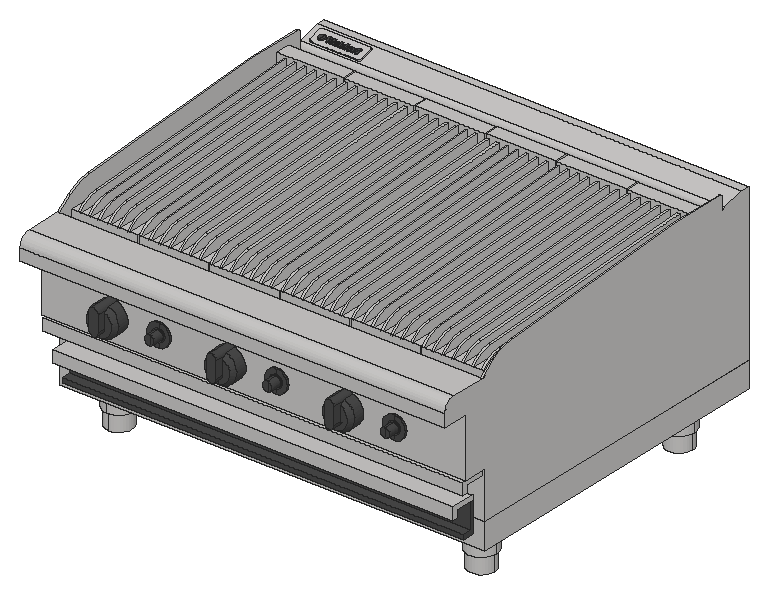
Revit family "QF_MOFFAT WALDORF_CHL8900G-B", category Specialty Equipment, Revit 2012 (continued)
Automatic sketch dimensions
  Extrusion 29 sketch curve to plane 6 "TOP" = 265.155 mm
  Extrusion 29 sketch curve to plane 6 "TOP" = 219.636 mm
  Extrusion 29 sketch curve to Extrusion 29 sketch curve = 52.486 mm
  Extrusion 30 sketch curve to plane 5 "FRONT" = 128 mm
  Extrusion 30 sketch curve to Extrusion 30 sketch curve = 46.148 mm
  Extrusion 30 sketch curve to Extrusion 30 sketch curve = 50.262 mm
  plane 1 "BACK" to Extrusion 30 sketch curve = 132 mm
  Extrusion 30 sketch curve to plane 6 "TOP" = 265.155 mm
  Extrusion 30 sketch curve to plane 6 "TOP" = 219.636 mm
  Extrusion 30 sketch curve to Extrusion 30 sketch curve = 52.486 mm
  Extrusion 31 sketch curve to plane 5 "FRONT" = 128 mm
  Extrusion 31 sketch curve to Extrusion 31 sketch curve = 46.148 mm
  Extrusion 31 sketch curve to Extrusion 31 sketch curve = 4.114 mm
  plane 1 "BACK" to Extrusion 31 sketch curve = 132 mm
  Extrusion 31 sketch curve to plane 6 "TOP" = 265.155 mm
  Extrusion 31 sketch curve to plane 6 "TOP" = 219.636 mm
  Extrusion 31 sketch curve to Extrusion 31 sketch curve = 52.486 mm
  Extrusion 32 sketch curve to plane 5 "FRONT" = 128 mm
  Extrusion 32 sketch curve to Extrusion 32 sketch curve = 46.148 mm
  Extrusion 32 sketch curve to Extrusion 32 sketch curve = 50.262 mm
  plane 1 "BACK" to Extrusion 32 sketch curve = 132 mm
  Extrusion 32 sketch curve to plane 6 "TOP" = 265.155 mm
  Extrusion 32 sketch curve to plane 6 "TOP" = 219.636 mm
  Extrusion 32 sketch curve to Extrusion 32 sketch curve = 52.486 mm
  Extrusion 33 sketch curve to plane 5 "FRONT" = 128 mm
  Extrusion 33 sketch curve to Extrusion 33 sketch curve = 46.148 mm
  Extrusion 33 sketch curve to Extrusion 33 sketch curve = 4.114 mm
  plane 1 "BACK" to Extrusion 33 sketch curve = 132 mm
  Extrusion 33 sketch curve to plane 6 "TOP" = 265.155 mm
  Extrusion 33 sketch curve to plane 6 "TOP" = 219.636 mm
  Extrusion 33 sketch curve to Extrusion 33 sketch curve = 52.486 mm
  Extrusion 34 sketch curve to plane 5 "FRONT" = 128 mm
  Extrusion 34 sketch curve to Extrusion 34 sketch curve = 46.148 mm
  Extrusion 34 sketch curve to Extrusion 34 sketch curve = 4.114 mm
  plane 1 "BACK" to Extrusion 34 sketch curve = 132 mm
  Extrusion 34 sketch curve to plane 6 "TOP" = 265.155 mm
  Extrusion 34 sketch curve to Extrusion 34 sketch curve = 45.518 mm
  Extrusion 34 sketch curve to Extrusion 34 sketch curve = 52.486 mm
  Extrusion 35 sketch curve to plane 5 "FRONT" = 128 mm
  Extrusion 35 sketch curve to Extrusion 35 sketch curve = 46.148 mm
  Extrusion 35 sketch curve to Extrusion 35 sketch curve = 50.262 mm
  plane 1 "BACK" to Extrusion 35 sketch curve = 132 mm
  Extrusion 35 sketch curve to plane 6 "TOP" = 265.155 mm
  Extrusion 35 sketch curve to plane 6 "TOP" = 219.636 mm
  Extrusion 35 sketch curve to Extrusion 35 sketch curve = 52.486 mm
  Extrusion 36 sketch curve to plane 5 "FRONT" = 128 mm
  Extrusion 36 sketch curve to Extrusion 36 sketch curve = 46.148 mm
  Extrusion 36 sketch curve to Extrusion 36 sketch curve = 4.114 mm
  plane 1 "BACK" to Extrusion 36 sketch curve = 132 mm
  Extrusion 36 sketch curve to plane 6 "TOP" = 265.155 mm
  Extrusion 36 sketch curve to plane 6 "TOP" = 219.636 mm
  Extrusion 36 sketch curve to Extrusion 36 sketch curve = 52.486 mm
  Extrusion 37 sketch curve to plane 5 "FRONT" = 128 mm
  Extrusion 37 sketch curve to Extrusion 37 sketch curve = 46.148 mm
  Extrusion 37 sketch curve to Extrusion 37 sketch curve = 4.114 mm
  plane 1 "BACK" to Extrusion 37 sketch curve = 132 mm
  Extrusion 37 sketch curve to plane 6 "TOP" = 265.155 mm
  Extrusion 37 sketch curve to plane 6 "TOP" = 219.636 mm
  Extrusion 37 sketch curve to Extrusion 37 sketch curve = 52.486 mm
  Extrusion 38 sketch curve to plane 5 "FRONT" = 128 mm
  Extrusion 38 sketch curve to Extrusion 38 sketch curve = 46.148 mm
  Extrusion 38 sketch curve to Extrusion 38 sketch curve = 50.262 mm
  plane 1 "BACK" to Extrusion 38 sketch curve = 132 mm
  Extrusion 38 sketch curve to plane 6 "TOP" = 265.155 mm
  Extrusion 38 sketch curve to plane 6 "TOP" = 219.636 mm
  Extrusion 38 sketch curve to Extrusion 38 sketch curve = 52.486 mm
  Extrusion 39 sketch curve to plane 5 "FRONT" = 128 mm
  Extrusion 39 sketch curve to Extrusion 39 sketch curve = 46.148 mm
  Extrusion 39 sketch curve to Extrusion 39 sketch curve = 50.262 mm
  plane 1 "BACK" to Extrusion 39 sketch curve = 132 mm
  Extrusion 39 sketch curve to plane 6 "TOP" = 265.155 mm
  Extrusion 39 sketch curve to plane 6 "TOP" = 219.636 mm
  Extrusion 39 sketch curve to Extrusion 39 sketch curve = 52.486 mm
  Extrusion 40 sketch curve to plane 5 "FRONT" = 128 mm
  Extrusion 40 sketch curve to Extrusion 40 sketch curve = 46.148 mm
  Extrusion 40 sketch curve to Extrusion 40 sketch curve = 4.114 mm
  plane 1 "BACK" to Extrusion 40 sketch curve = 132 mm
  Extrusion 40 sketch curve to plane 6 "TOP" = 265.155 mm
  Extrusion 40 sketch curve to plane 6 "TOP" = 219.636 mm
  Extrusion 40 sketch curve to Extrusion 40 sketch curve = 52.486 mm
  plane 1 "BACK" to Extrusion 41 sketch curve = 32 mm
  Extrusion 42 sketch curve to plane 5 "FRONT" = 81 mm
  Extrusion 42 sketch curve to Extrusion 42 sketch curve = 20 mm
  Extrusion 42 sketch curve to Extrusion 42 sketch curve = 18.654 mm
  level to Extrusion 42 sketch curve = 108.047 mm
  Extrusion 42 sketch curve to Extrusion 42 sketch curve = 10 mm
  Extrusion 42 sketch curve to Extrusion 42 sketch curve = 53.75 mm
  Extrusion 43 sketch curve to plane 5 "FRONT" = 53.73 mm
  Extrusion 43 sketch curve to Extrusion 43 sketch curve = 10 mm  (x2)
  Extrusion 43 sketch curve to Extrusion 43 sketch curve = 42.27 mm
  level to Extrusion 43 sketch curve = 211.219 mm
  Extrusion 43 sketch curve to Extrusion 43 sketch curve = 15 mm
  Split face 12 sketch curve to cut or joined group of Extrusion 1, Extrusion 6, Extrusion 7 = 1.25 mm
  Split face 12 sketch curve to cut or joined group of Extrusion 1, Extrusion 6, Extrusion 7 = 24.993 mm
  cut or joined group of Extrusion 1, Extrusion 6, Extrusion 7 to Split face 12 sketch curve = 1.25 mm
  Split face 12 sketch curve to cut or joined group of Extrusion 1, Extrusion 6, Extrusion 7 = 25.12 mm
  Extrusion 44 sketch curve to plane 5 "FRONT" = 53.73 mm
  Extrusion 44 sketch curve to Extrusion 44 sketch curve = 10 mm  (x2)
  Extrusion 44 sketch curve to Extrusion 44 sketch curve = 55.924 mm
  level to Extrusion 44 sketch curve = 156.797 mm
  Extrusion 44 sketch curve to Extrusion 44 sketch curve = 15 mm
  Extrusion 45 sketch curve to plane 5 "FRONT" = 128 mm
  plane 1 "BACK" to Extrusion 45 sketch curve = 132 mm
  Extrusion 45 sketch curve to Extrusion 45 sketch curve = 30 mm
  Extrusion 45 sketch curve to plane 6 "TOP" = 255 mm
  Extrusion 45 sketch curve to Extrusion 45 sketch curve = 35.364 mm
  Extrusion 45 sketch curve to Extrusion 45 sketch curve = 59.636 mm
  Extrusion 46 sketch curve to plane 5 "FRONT" = 128 mm
  plane 1 "BACK" to Extrusion 46 sketch curve = 132 mm
  Extrusion 46 sketch curve to Extrusion 46 sketch curve = 30 mm
  Extrusion 46 sketch curve to plane 6 "TOP" = 255 mm
  Extrusion 46 sketch curve to Extrusion 46 sketch curve = 35.364 mm
  Extrusion 46 sketch curve to Extrusion 46 sketch curve = 59.636 mm
  Extrusion 47 sketch curve to plane 5 "FRONT" = 128 mm
  plane 1 "BACK" to Extrusion 47 sketch curve = 132 mm
  Extrusion 47 sketch curve to Extrusion 47 sketch curve = 30 mm
  Extrusion 47 sketch curve to plane 6 "TOP" = 255 mm
  Extrusion 47 sketch curve to Extrusion 47 sketch curve = 35.364 mm
  Extrusion 47 sketch curve to Extrusion 47 sketch curve = 59.636 mm
  Extrusion 48 sketch curve to plane 5 "FRONT" = 128 mm
  plane 1 "BACK" to Extrusion 48 sketch curve = 132 mm
  Extrusion 48 sketch curve to Extrusion 48 sketch curve = 30 mm
  Extrusion 48 sketch curve to plane 6 "TOP" = 255 mm
  Extrusion 48 sketch curve to Extrusion 48 sketch curve = 35.364 mm
  Extrusion 48 sketch curve to Extrusion 48 sketch curve = 59.636 mm
  Extrusion 49 sketch curve to plane 5 "FRONT" = 128 mm
  Extrusion 49 sketch curve to Extrusion 49 sketch curve = 46.148 mm
  Extrusion 49 sketch curve to Extrusion 49 sketch curve = 50.262 mm
  plane 1 "BACK" to Extrusion 49 sketch curve = 132 mm
  Extrusion 49 sketch curve to plane 6 "TOP" = 265.155 mm
  Extrusion 49 sketch curve to Extrusion 49 sketch curve = 45.518 mm
  Extrusion 49 sketch curve to Extrusion 49 sketch curve = 52.486 mm
  Extrusion 50 sketch curve to plane 5 "FRONT" = 128 mm
  Extrusion 50 sketch curve to Extrusion 50 sketch curve = 46.148 mm
  Extrusion 50 sketch curve to Extrusion 50 sketch curve = 50.262 mm
  plane 1 "BACK" to Extrusion 50 sketch curve = 132 mm
  Extrusion 50 sketch curve to plane 6 "TOP" = 265.155 mm
  Extrusion 50 sketch curve to plane 6 "TOP" = 219.636 mm
  Extrusion 50 sketch curve to Extrusion 50 sketch curve = 52.486 mm
  Extrusion 51 sketch curve to plane 5 "FRONT" = 128 mm
  Extrusion 51 sketch curve to Extrusion 51 sketch curve = 46.148 mm
  Extrusion 51 sketch curve to Extrusion 51 sketch curve = 4.114 mm
  plane 1 "BACK" to Extrusion 51 sketch curve = 132 mm
  Extrusion 51 sketch curve to plane 6 "TOP" = 265.155 mm
  Extrusion 51 sketch curve to plane 6 "TOP" = 219.636 mm
  Extrusion 51 sketch curve to Extrusion 51 sketch curve = 52.486 mm
  Extrusion 52 sketch curve to plane 5 "FRONT" = 128 mm
  Extrusion 52 sketch curve to Extrusion 52 sketch curve = 46.148 mm
  Extrusion 52 sketch curve to Extrusion 52 sketch curve = 4.114 mm
  plane 1 "BACK" to Extrusion 52 sketch curve = 132 mm
  Extrusion 52 sketch curve to plane 6 "TOP" = 265.155 mm
  Extrusion 52 sketch curve to plane 6 "TOP" = 219.636 mm
  Extrusion 52 sketch curve to Extrusion 52 sketch curve = 52.486 mm
  Extrusion 53 sketch curve to plane 5 "FRONT" = 128 mm
  Extrusion 53 sketch curve to Extrusion 53 sketch curve = 46.148 mm
  Extrusion 53 sketch curve to Extrusion 53 sketch curve = 4.114 mm
  plane 1 "BACK" to Extrusion 53 sketch curve = 132 mm
  Extrusion 53 sketch curve to plane 6 "TOP" = 265.155 mm
  Extrusion 53 sketch curve to plane 6 "TOP" = 219.636 mm
  Extrusion 53 sketch curve to Extrusion 53 sketch curve = 52.486 mm
  Extrusion 54 sketch curve to plane 5 "FRONT" = 128 mm
  Extrusion 54 sketch curve to Extrusion 54 sketch curve = 46.148 mm
  Extrusion 54 sketch curve to Extrusion 54 sketch curve = 4.114 mm
  plane 1 "BACK" to Extrusion 54 sketch curve = 132 mm
  Extrusion 54 sketch curve to plane 6 "TOP" = 265.155 mm
  Extrusion 54 sketch curve to plane 6 "TOP" = 219.636 mm
  Extrusion 54 sketch curve to Extrusion 54 sketch curve = 52.486 mm
  Extrusion 55 sketch curve to plane 5 "FRONT" = 128 mm
  Extrusion 55 sketch curve to Extrusion 55 sketch curve = 46.148 mm
  Extrusion 55 sketch curve to Extrusion 55 sketch curve = 4.114 mm
  plane 1 "BACK" to Extrusion 55 sketch curve = 132 mm
  Extrusion 55 sketch curve to plane 6 "TOP" = 265.155 mm
  Extrusion 55 sketch curve to plane 6 "TOP" = 219.636 mm
  Extrusion 55 sketch curve to Extrusion 55 sketch curve = 52.486 mm
  Extrusion 56 sketch curve to plane 5 "FRONT" = 128 mm
  plane 1 "BACK" to Extrusion 56 sketch curve = 132 mm
  Extrusion 56 sketch curve to Extrusion 56 sketch curve = 30 mm
  Extrusion 56 sketch curve to plane 6 "TOP" = 255 mm
  Extrusion 56 sketch curve to Extrusion 56 sketch curve = 35.364 mm
  Extrusion 56 sketch curve to Extrusion 56 sketch curve = 59.636 mm
  Extrusion 57 sketch curve to plane 5 "FRONT" = 128 mm
  Extrusion 57 sketch curve to Extrusion 57 sketch curve = 46.148 mm
  Extrusion 57 sketch curve to Extrusion 57 sketch curve = 50.262 mm
  plane 1 "BACK" to Extrusion 57 sketch curve = 132 mm
  Extrusion 57 sketch curve to plane 6 "TOP" = 265.155 mm
  Extrusion 57 sketch curve to Extrusion 57 sketch curve = 45.518 mm
  Extrusion 57 sketch curve to Extrusion 57 sketch curve = 52.486 mm
  Extrusion 58 sketch curve to plane 5 "FRONT" = 128 mm
  Extrusion 58 sketch curve to Extrusion 58 sketch curve = 46.148 mm
  Extrusion 58 sketch curve to Extrusion 58 sketch curve = 50.262 mm
  plane 1 "BACK" to Extrusion 58 sketch curve = 132 mm
  Extrusion 58 sketch curve to plane 6 "TOP" = 265.155 mm
  Extrusion 58 sketch curve to plane 6 "TOP" = 219.636 mm
  Extrusion 58 sketch curve to Extrusion 58 sketch curve = 52.486 mm
  Extrusion 59 sketch curve to plane 5 "FRONT" = 128 mm
  Extrusion 59 sketch curve to Extrusion 59 sketch curve = 46.148 mm
  Extrusion 59 sketch curve to Extrusion 59 sketch curve = 4.114 mm
  plane 1 "BACK" to Extrusion 59 sketch curve = 132 mm
  Extrusion 59 sketch curve to plane 6 "TOP" = 265.155 mm
  Extrusion 59 sketch curve to plane 6 "TOP" = 219.636 mm
  Extrusion 59 sketch curve to Extrusion 59 sketch curve = 52.486 mm
  Extrusion 60 sketch curve to plane 5 "FRONT" = 128 mm
  Extrusion 60 sketch curve to Extrusion 60 sketch curve = 46.148 mm
  Extrusion 60 sketch curve to Extrusion 60 sketch curve = 4.114 mm
  plane 1 "BACK" to Extrusion 60 sketch curve = 132 mm
  Extrusion 60 sketch curve to plane 6 "TOP" = 265.155 mm
  Extrusion 60 sketch curve to plane 6 "TOP" = 219.636 mm
  Extrusion 60 sketch curve to Extrusion 60 sketch curve = 52.486 mm
  Extrusion 61 sketch curve to plane 5 "FRONT" = 128 mm
  Extrusion 61 sketch curve to Extrusion 61 sketch curve = 46.148 mm
  Extrusion 61 sketch curve to Extrusion 61 sketch curve = 4.114 mm
  plane 1 "BACK" to Extrusion 61 sketch curve = 132 mm
  Extrusion 61 sketch curve to plane 6 "TOP" = 265.155 mm
  Extrusion 61 sketch curve to plane 6 "TOP" = 219.636 mm
  Extrusion 61 sketch curve to Extrusion 61 sketch curve = 52.486 mm
  Extrusion 62 sketch curve to plane 5 "FRONT" = 128 mm
  Extrusion 62 sketch curve to Extrusion 62 sketch curve = 46.148 mm
  Extrusion 62 sketch curve to Extrusion 62 sketch curve = 4.114 mm
  plane 1 "BACK" to Extrusion 62 sketch curve = 132 mm
  Extrusion 62 sketch curve to plane 6 "TOP" = 265.155 mm
  Extrusion 62 sketch curve to plane 6 "TOP" = 219.636 mm
  Extrusion 62 sketch curve to Extrusion 62 sketch curve = 52.486 mm
  Extrusion 63 sketch curve to plane 5 "FRONT" = 128 mm
  Extrusion 63 sketch curve to Extrusion 63 sketch curve = 46.148 mm
  Extrusion 63 sketch curve to Extrusion 63 sketch curve = 4.114 mm
  plane 1 "BACK" to Extrusion 63 sketch curve = 132 mm
  Extrusion 63 sketch curve to plane 6 "TOP" = 265.155 mm
  Extrusion 63 sketch curve to plane 6 "TOP" = 219.636 mm
  Extrusion 63 sketch curve to Extrusion 63 sketch curve = 52.486 mm
  Extrusion 64 sketch curve to plane 5 "FRONT" = 128 mm
  plane 1 "BACK" to Extrusion 64 sketch curve = 132 mm
  Extrusion 64 sketch curve to Extrusion 64 sketch curve = 30 mm
  Extrusion 64 sketch curve to plane 6 "TOP" = 255 mm
  Extrusion 64 sketch curve to Extrusion 64 sketch curve = 35.364 mm
  Extrusion 64 sketch curve to Extrusion 64 sketch curve = 59.636 mm
  Extrusion 1 to Split face 13 sketch curve = 1.962 mm
  Split face 13 sketch curve to Extrusion 1 = 426.534 mm
  Split face 13 sketch curve to Split face 13 sketch curve = 20 mm
  Extrusion 1 to Split face 14 sketch curve = 1.962 mm
  Split face 14 sketch curve to Extrusion 1 = 446.466 mm
  Split face 14 sketch curve to Split face 14 sketch curve = 20 mm
  Extrusion 1 to Split face 15 sketch curve = 1.962 mm
  Split face 15 sketch curve to Extrusion 1 = 419.466 mm
  Split face 15 sketch curve to Split face 15 sketch curve = 20 mm
  Extrusion 1 to Split face 16 sketch curve = 1.962 mm
  Split face 16 sketch curve to Extrusion 1 = 392.466 mm
  Split face 16 sketch curve to Split face 16 sketch curve = 20 mm
  Extrusion 1 to Split face 17 sketch curve = 1.962 mm
  Split face 17 sketch curve to Extrusion 1 = 365.466 mm
  Split face 17 sketch curve to Split face 17 sketch curve = 20 mm
  Extrusion 1 to Split face 18 sketch curve = 1.962 mm
  Split face 18 sketch curve to Extrusion 1 = 338.466 mm
  Split face 18 sketch curve to Split face 18 sketch curve = 20 mm
  Extrusion 1 to Split face 19 sketch curve = 1.962 mm
  Split face 19 sketch curve to Extrusion 1 = 311.466 mm
  Split face 19 sketch curve to Split face 19 sketch curve = 20 mm
  Extrusion 1 to Split face 20 sketch curve = 1.962 mm
  Split face 20 sketch curve to Extrusion 1 = 284.466 mm
  Split face 20 sketch curve to Split face 20 sketch curve = 20 mm
  Extrusion 1 to Split face 21 sketch curve = 1.962 mm
  Split face 21 sketch curve to Extrusion 1 = 257.466 mm
  Split face 21 sketch curve to Split face 21 sketch curve = 20 mm
  Extrusion 1 to Split face 22 sketch curve = 1.962 mm
  Split face 22 sketch curve to Extrusion 1 = 230.466 mm
  Split face 22 sketch curve to Split face 22 sketch curve = 20 mm
  Extrusion 1 to Split face 23 sketch curve = 1.962 mm
  Split face 23 sketch curve to Extrusion 1 = 203.466 mm
  Split face 23 sketch curve to Split face 23 sketch curve = 20 mm
  Extrusion 1 to Split face 24 sketch curve = 1.962 mm
  Split face 24 sketch curve to Extrusion 1 = 176.466 mm
  Split face 24 sketch curve to Split face 24 sketch curve = 20 mm
  Extrusion 1 to Split face 25 sketch curve = 1.962 mm
  Split face 25 sketch curve to Extrusion 1 = 149.466 mm
  Split face 25 sketch curve to Split face 25 sketch curve = 20 mm
  Revolve 65 sketch curve to plane 5 "FRONT" = 12 mm
  Revolve 65 sketch curve to Revolve 65 sketch curve = 0 mm  (x2)
  Revolve 65 sketch curve to Revolve 65 sketch curve = 11 mm
  Revolve 65 sketch curve to Revolve 65 sketch curve = 12.7 mm
  Revolve 65 sketch curve to Revolve 65 sketch curve = 23 mm
  Revolve 65 sketch curve to Revolve 65 sketch curve = 10 mm
  Revolve 65 sketch curve to plane 6 "TOP" = 300.5 mm
  Revolve 65 sketch curve to Revolve 65 sketch curve = 5.849 mm
  Revolve 65 sketch curve to Revolve 65 sketch curve = 27.5 mm
  Revolve 65 sketch curve to Revolve 65 sketch curve = 5 mm
  plane 7 "Center Y" to Extrusion 66 sketch curve = 218.056 mm
  Extrusion 66 sketch curve to Extrusion 66 sketch curve = 10 mm
  Extrusion 66 sketch curve to plane 6 "TOP" = 306 mm
  Extrusion 66 sketch curve to Extrusion 66 sketch curve = 35 mm
  Revolve 67 sketch curve to plane 5 "FRONT" = 20.12 mm
  Revolve 67 sketch curve to Revolve 67 sketch curve = 6.83 mm
  Revolve 67 sketch curve to Revolve 67 sketch curve = 15.2 mm
  Revolve 67 sketch curve to Revolve 67 sketch curve = 1.144 mm
  Revolve 67 sketch curve to Revolve 67 sketch curve = 3.85 mm
  Revolve 67 sketch curve to Revolve 67 sketch curve = 0 mm  (x2)
  Revolve 67 sketch curve to Revolve 67 sketch curve = 10 mm
  level to Revolve 67 sketch curve = 297 mm
  Revolve 67 sketch curve to Revolve 67 sketch curve = 5 mm
  Revolve 67 sketch curve to Revolve 67 sketch curve = 4.825 mm
  Revolve 67 sketch curve to Revolve 67 sketch curve = 3.025 mm
  Revolve 67 sketch curve to Revolve 67 sketch curve = 11.15 mm
  Extrusion 1 sketch curve to plane 5 "FRONT" = 0 mm
  Extrusion 1 sketch curve to plane 9 = 0 mm
  Extrusion 1 sketch curve to plane 1 "BACK" = 0 mm  (x2)
  Extrusion 1 sketch curve to plane 5 "FRONT" = 24 mm
  Extrusion 1 sketch curve to plane 5 "FRONT" = 56 mm
  Extrusion 1 sketch curve to Extrusion 1 sketch curve = 44 mm
  Extrusion 1 sketch curve to Extrusion 1 sketch curve = 50 mm
  Extrusion 1 sketch curve to Extrusion 1 sketch curve = 0 mm
  Extrusion 1 sketch curve to plane 9 = 23.945 mm
  plane 1 "BACK" to Extrusion 1 sketch curve = 70 mm
  plane 1 "BACK" to Extrusion 1 sketch curve = 16.5 mm
  Extrusion 1 sketch curve to plane 9 = 55 mm
  Extrusion 1 sketch curve to Extrusion 1 sketch curve = 82.646 mm
  Extrusion 1 sketch curve to Extrusion 1 sketch curve = 25 mm
  Extrusion 1 sketch curve to Extrusion 1 sketch curve = 135 mm
  Extrusion 1 sketch curve to Extrusion 1 sketch curve = 0.794 mm
  Extrusion 1 sketch curve to Extrusion 1 sketch curve = 54.206 mm
  Extrusion 1 sketch curve to Extrusion 1 sketch curve = 12 mm
  Extrusion 1 sketch curve to Extrusion 1 sketch curve = 8.894 mm
  Extrusion 1 sketch curve to Extrusion 1 sketch curve = 100 mm
  Split face 1 sketch curve to Extrusion 1 = 17.949 mm
  Split face 2 sketch curve to Extrusion 1 = 17.949 mm
  Split face 3 sketch curve to Extrusion 1 = 17.949 mm
  Split face 4 sketch curve to Extrusion 1 = 17.949 mm
  Split face 5 sketch curve to Extrusion 1 = 17.949 mm
  Split face 6 sketch curve to Extrusion 1 = 17.949 mm
  Split face 7 sketch curve to Extrusion 1 = 17.949 mm
  Split face 8 sketch curve to Extrusion 1 = 17.949 mm
  Split face 9 sketch curve to Extrusion 1 = 17.949 mm
  Split face 10 sketch curve to Extrusion 1 = 17.949 mm
  Split face 11 sketch curve to Extrusion 1 = 17.949 mm
  Split face 13 sketch curve to Extrusion 1 = 17.949 mm
  Split face 14 sketch curve to Extrusion 1 = 17.949 mm
  Split face 15 sketch curve to Extrusion 1 = 17.949 mm
  Split face 16 sketch curve to Extrusion 1 = 17.949 mm
  Split face 17 sketch curve to Extrusion 1 = 17.949 mm
  Split face 18 sketch curve to Extrusion 1 = 17.949 mm
  Split face 19 sketch curve to Extrusion 1 = 17.949 mm
  Split face 20 sketch curve to Extrusion 1 = 17.949 mm
  Split face 21 sketch curve to Extrusion 1 = 17.949 mm
  Split face 22 sketch curve to Extrusion 1 = 17.949 mm
  Split face 23 sketch curve to Extrusion 1 = 17.949 mm
  Split face 24 sketch curve to Extrusion 1 = 17.949 mm
  Split face 25 sketch curve to Extrusion 1 = 17.949 mm
  Extrusion 7 sketch curve to plane 5 "FRONT" = 100 mm
  Extrusion 7 sketch curve to plane 9 = 33.285 mm
  Extrusion 7 sketch curve to Extrusion 7 sketch curve = 28.253 mm
  Extrusion 7 sketch curve to plane 9 = 15.444 mm
  Extrusion 7 sketch curve to Extrusion 7 sketch curve = 85.611 mm
  plane 9 to Extrusion 7 sketch curve = 15 mm
  plane 1 "BACK" to Extrusion 7 sketch curve = 191 mm
  plane 1 "BACK" to Extrusion 7 sketch curve = 70 mm
  Extrusion 7 sketch curve to Extrusion 7 sketch curve = 21.715 mm
  Extrusion 7 sketch curve to plane 9 = 95 mm
  Extrusion 7 sketch curve to Extrusion 7 sketch curve = 50.382 mm
  Extrusion 7 sketch curve to Extrusion 7 sketch curve = 5 mm
  Extrusion 6 sketch curve to Extrusion 6 sketch curve = 28.253 mm
  plane 9 to Extrusion 6 sketch curve = 15 mm
  Extrusion 6 sketch curve to plane 9 = 33.285 mm
  Extrusion 6 sketch curve to Extrusion 6 sketch curve = 85.611 mm
  Extrusion 6 sketch curve to Extrusion 6 sketch curve = 21.715 mm
  Extrusion 6 sketch curve to Extrusion 6 sketch curve = 20.2 mm
  Extrusion 6 sketch curve to Extrusion 6 sketch curve = 50.382 mm
  Extrusion 6 sketch curve to plane 9 = 95 mm
  plane 1 "BACK" to Extrusion 6 sketch curve = 191 mm
  Extrusion 6 sketch curve to Extrusion 6 sketch curve = 5 mm
  plane 1 "BACK" to Extrusion 6 sketch curve = 70 mm
  radius of Extrusion 41 sketch curve = 13.5 mm
Nested families
  nested 1: "WALDORF LOGO_FACE BASE" at (12.5, -23.821, 467.972) x (1, 0, 0) z (0, -0.2669, 0.9637), visible <- "Show Logo", type "WALDORF LOGO_FACE BASE", detail levels medium+fine
    with Show Logo yes
Connectors
  piping at (216, -32, 55)
    settings: on Extrusion 41, index 1, connector radius 0.37402", flow factor 0, pipe flow 0 GPM, pressure drop 0.00 psi, fitting loss kfactor 0, connector angle 0.00°, fixture units 0, engagement length 0 mm, flow configuration 1, flow direction 1, fitting loss method 0, system type 7, joint type 0, gender type 0, connector reference index -1, connector utility 0, adjustable connector no, is connector primary yes, fitting loss table "", connector description "GAS CONNECTION"
Definition of nested family "WALDORF LOGO_FACE BASE"
  Parameters (values of type "WALDORF LOGO_FACE BASE")
    Show Logo [instance] = yes
    Default Elevation = 1219.2 mm
  Reference planes
    plane 1 "Center (Front/Back)": y = 0
    plane 2: z = 0
    plane 3 "Center (Left/Right)": x = 0
  Forms (mm)
    Extrusion 1, solid
      sketch origin (0, 0, 0) x (1, 0, 0) y (0, 1, 0)
        loop
          line (-1219.2, 1219.2) -> (-1219.2, -1219.2) -> (1219.2, -1219.2) -> (1219.2, 1219.2) -> (-1219.2, 1219.2)
      from 0 to -304.8
    Extrusion 2, solid, material "QF_Finishes_Stainless Steel", visible <- "Show Logo"
      sketch origin (0, -33.217, 0) x (1, 0, 0) y (0, 1, 0)
        loop
          arc (5, 34.14) -> (1.464, 32.676) -> (0, 29.14) r 5
          line (0, 29.14) -> (0, 5)
          arc (0, 5) -> (1.464, 1.464) -> (5, 0) r 5
          line (5, 0) -> (104, 0)
          arc (104, 0) -> (107.536, 1.464) -> (109, 5) r 5
          line (109, 5) -> (109, 29.14)
          arc (109, 29.14) -> (107.536, 32.676) -> (104, 34.14) r 5
          line (104, 34.14) -> (5, 34.14)
      from 0 to 1.588
    Extrusion 3, solid, material "QF_Finishes_Black", visible <- "Show Logo"
      sketch origin (0, -33.217, 1.588) x (1, 0, 0) y (0, 1, 0)
        loop
          line (24.772, 23.214) -> (27.992, 10.301) -> (31.551, 10.301) -> (33.443, 17.364) -> (35.205, 10.301) -> (39.332, 10.301) -> (42.077, 23.214) -> (38.352, 23.214) -> (36.676, 15.33) -> (35, 23.214) -> (31.752, 23.214) -> (30.076, 15.33) -> (28.4, 23.214) -> (24.772, 23.214)
        loop
          line (42.272, 17.055) -> (45.703, 17.055)
          spline (45.703, 17.055) -> (45.741, 17.285) -> (45.852, 17.499) -> (46.028, 17.682) -> (46.258, 17.823) -> (46.526, 17.912) -> (46.813, 17.942) -> (47.1, 17.912) -> (47.368, 17.823) -> (47.597, 17.682) -> (47.774, 17.499) -> (47.884, 17.285) -> (47.922, 17.055)
          line (47.922, 17.055) -> (47.922, 16.222)
          arc (47.922, 16.222) -> (45.742, 16.014) -> (43.665, 15.317) r 9.604
          arc (43.665, 15.317) -> (41.924, 12.809) -> (43.665, 10.301) r 2.677
          arc (43.665, 10.301) -> (45.527, 10.353) -> (47.332, 10.816) r 8.365
          line (47.332, 10.816) -> (48.092, 11.105) -> (48.092, 10.301) -> (51.817, 10.301) -> (51.817, 17.055)
          spline (51.817, 17.055) -> (51.654, 17.821) -> (51.178, 18.535) -> (50.419, 19.148) -> (49.431, 19.619) -> (48.28, 19.914) -> (47.044, 20.015) -> (45.809, 19.914) -> (44.658, 19.619) -> (43.67, 19.148) -> (42.911, 18.535) -> (42.434, 17.821) -> (42.272, 17.055)
        loop
          line (53.151, 23.214) -> (53.151, 10.301) -> (57.37, 10.301) -> (57.37, 23.214) -> (53.151, 23.214)
        loop
          line (64.874, 23.214) -> (64.874, 18.857)
          arc (64.874, 18.857) -> (58.083, 15.11) -> (64.874, 11.363) r 4.429
          line (64.874, 11.363) -> (64.874, 10.301) -> (68.378, 10.301) -> (68.378, 23.214) -> (64.874, 23.214)
        loop
          arc (64.874, 16.083) -> (61.41, 14.987) -> (64.874, 13.891) r 1.905
          line (64.874, 13.891) -> (64.874, 16.083)
        loop
          circle (74.623, 15.223) r 5
        loop
          spline (74.623, 17.856) -> (74.355, 17.766) -> (74.105, 17.503) -> (73.891, 17.084) -> (73.726, 16.539) -> (73.623, 15.904) -> (73.588, 15.223) -> (73.623, 14.541) -> (73.726, 13.906) -> (73.891, 13.361) -> (74.105, 12.942) -> (74.355, 12.679) -> (74.623, 12.59)
          spline (74.623, 12.59) -> (74.891, 12.679) -> (75.141, 12.942) -> (75.355, 13.361) -> (75.52, 13.906) -> (75.623, 14.541) -> (75.659, 15.223) -> (75.623, 15.904) -> (75.52, 16.539) -> (75.355, 17.084) -> (75.141, 17.503) -> (74.891, 17.766) -> (74.623, 17.856)
        loop
          line (81.255, 19.813) -> (81.255, 10.301) -> (84.834, 10.301) -> (84.834, 14.176)
          arc (84.834, 14.176) -> (85.854, 16.093) -> (88.013, 16.32) r 2.313
          line (88.013, 16.32) -> (88.013, 19.813) -> (87.161, 19.813)
          arc (87.161, 19.813) -> (85.526, 19.266) -> (84.549, 17.844) r 2.717
          line (84.549, 17.844) -> (84.549, 19.813) -> (81.255, 19.813)
        loop
          line (90.249, 19.813) -> (88.91, 19.813) -> (88.91, 17.614) -> (90.249, 17.614) -> (90.249, 10.301) -> (93.998, 10.301) -> (93.998, 17.614) -> (95.418, 17.614) -> (95.418, 19.813) -> (93.998, 19.813)
          arc (93.998, 19.813) -> (94.414, 20.817) -> (95.418, 21.233) r 1.42
          line (95.418, 21.233) -> (95.418, 23.602) -> (93.317, 23.602)
          arc (93.317, 23.602) -> (91.343, 22.903) -> (90.249, 21.118) r 3.137
          line (90.249, 21.118) -> (90.249, 19.813)
        loop
          arc (15.241, 23.571) -> (8.392, 16.525) -> (15.241, 9.479) r 7.049
          line (15.241, 9.479) -> (15.241, 23.571)
        loop
          line (15.641, 23.571) -> (15.641, 9.479)
          arc (15.641, 9.479) -> (22.49, 16.525) -> (15.641, 23.571) r 7.049
        loop
          arc (47.922, 14.711) -> (46.266, 13.749) -> (47.922, 12.787) r 1.107
          line (47.922, 12.787) -> (47.922, 14.711)
      from 0 to 0.2
  Dimensions and locks
    aligned and locked: plane 2 to Extrusion 1
    aligned and locked: level to Extrusion 1
